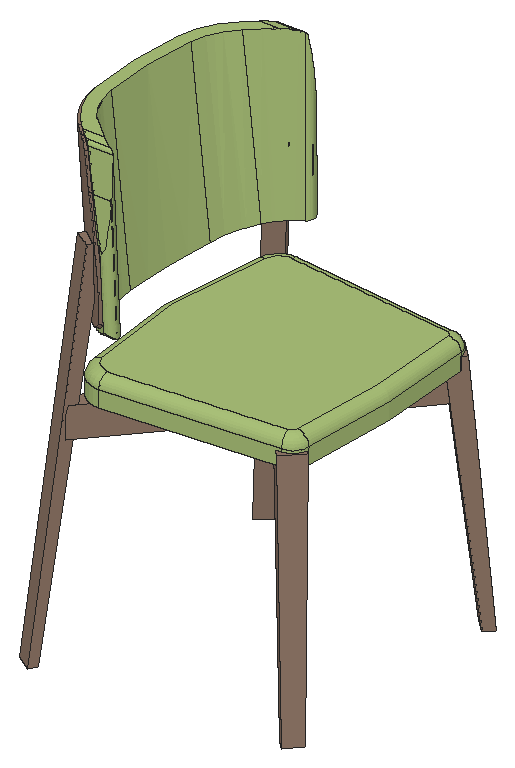
Revit family "Furniture_Chair_DIXIE 1.1", category Furniture, Revit 2020
Family settings
  OmniClass Number = 23.21.23.15.17
  Work Plane-Based = Yes
  Always vertical = No
  Cut with Voids When Loaded = No
  Shared = No
  Room Calculation Point = No
Parameters (values of type "DIXIE 1.1")
  Youtube clip = ""
  Uniformat II Description = "Movable Furnishings"
  Uniformat II Code = ""
  Uniclass 2015 Name = ""
  Uniclass 2015 Code = ""
  Uniclass 2.0 Description = ""
  Uniclass 2.0 Code = ""
  Uniclass 1.4 Description = ""
  Uniclass 1.4 Code = ""
  UNSPSC Code = ""
  Technical description = ""
  Shell Material = Fabric - Manhattan - Ellis YI365
  Frame Material = Wood - Stain - Intense Walnut
  Region South America = "All"
  Region Oceania = "All"
  Region North America = "All"
  Region Middle East = "All"
  Region Europe = "All"
  Region Asia = "All"
  Region Antarctica = "All"
  Region Africa = "All"
  QR code = "https://www.sandlerseating.com/product/dixie-1-1/"
  Product url = "https://www.sandlerseating.com/product/dixie-1-1/"
  Product name = "DIXIE 1.1"
  Product group = "Chair"
  Product family = "Furniture"
  Product data url = "https://www.sandlerseating.com/product/dixie-1-1/"
  Product certification = ""
  Product SKU = "??"
  Product Guid = "??"
  OmniClass Description = ""
  OmniClass Code = "23-21 23 15 17"
  NBS Reference Description = ""
  NBS Reference Code = ""
  Model = "DIXIE 1.1"
  Masterformat 2014 Description = "Chair Mats"
  Masterformat 2014 Code = "12 48 43.13"
  Manufacturer name = "Sandler"
  Manufacturer country = "USA"
  Manufacturer = "Sandler"
  Installation instructions = ""
  IFC Classification = "Furnishing Element"
  GTIN code = ""
  Edition number = 1
  Design country = "Brasil"
  Description = "Chair"
  Default Elevation = 0.000 mm
  Date of publishing = ""
  COBIe Type Category = ""
  Brand url = "https://www.sandlerseating.com/"
  BIMobject main category code = "furniture"
  BIMobject main category = "Furniture"
  BIMobject category code = "furniture-chair"
  BIMobject category = "Chair"
Reference planes
  plane 1 "Center Front/Back": y = 0
  plane 2: z = 0
  plane 3 "Center Left/Right": x = 0
Forms (mm)
  Blend 1, solid, material "Wood - Stain - Intense Walnut" <- "Frame Material"
    base sketch origin (-7.427, -3.052, 840) x (0, -1, 0) y (1, 0, 0)
      loop
        line (267.946, -180.657) -> (256.401, -173.442) -> (238.856, -201.521) -> (250.401, -208.735) -> (267.946, -180.657)
    top sketch origin (-7.427, -3.052, 840) x (0, -1, 0) y (1, 0, 0)
      loop
        line (202.55, -148.371) -> (220.449, -119.726) -> (201.162, -107.674) -> (183.263, -136.319) -> (202.55, -148.371)
    from -840 to -193.439
  Blend 2, solid, material "Wood - Stain - Intense Walnut" <- "Frame Material"
    base sketch origin (-7.427, -3.052, 840) x (0, -1, 0) y (1, 0, 0)
      loop
        line (226.741, 217.574) -> (204.755, 239.56) -> (191.431, 226.236) -> (213.882, 203.785) -> (226.741, 217.574)
    top sketch origin (-7.427, -3.052, 840) x (0, -1, 0) y (1, 0, 0)
      loop
        line (201.051, 189.092) -> (172.396, 217.747) -> (150.259, 195.61) -> (179.687, 166.182) -> (201.051, 189.092)
    from -840 to -415
  Blend 3, solid, material "Wood - Stain - Intense Walnut" <- "Frame Material"
    base sketch origin (-7.427, -7.427, 840) x (0, 1, 0) y (-1, 0, 0)
      loop
        line (267.946, 180.657) -> (250.401, 208.735) -> (238.856, 201.521) -> (256.401, 173.442) -> (267.946, 180.657)
    top sketch origin (-7.427, -7.427, 840) x (0, 1, 0) y (-1, 0, 0)
      loop
        line (202.55, 148.371) -> (183.263, 136.319) -> (201.162, 107.674) -> (220.449, 119.726) -> (202.55, 148.371)
    from -840 to -193.439
  Blend 4, solid, material "Wood - Stain - Intense Walnut" <- "Frame Material"
    base sketch origin (-7.427, -7.427, 840) x (0, 1, 0) y (-1, 0, 0)
      loop
        line (226.741, -217.574) -> (213.882, -203.785) -> (191.431, -226.236) -> (204.755, -239.56) -> (226.741, -217.574)
    top sketch origin (-7.427, -7.427, 840) x (0, 1, 0) y (-1, 0, 0)
      loop
        line (201.051, -189.092) -> (179.687, -166.182) -> (150.259, -195.61) -> (172.396, -217.747) -> (201.051, -189.092)
    from -840 to -415
  Extrusion 5, solid, material "Wood - Stain - Intense Walnut" <- "Frame Material"
    sketch origin (-7.427, -3.052, 840) x (0, -1, 0) y (1, 0, 0)
      loop
        line (236.81, -142.406) -> (23.981, 42.603) -> (188.369, 183.471) -> (169.726, 202.114) -> (2.351, 60.261) -> (-165.338, 201.824) -> (-182.647, 184.515) -> (-18.956, 42.22) -> (-228.476, -133.588) -> (-211.133, -158.357) -> (2.4, 23.974) -> (219.447, -164.703) -> (236.81, -142.406)
    from -491.524 to -440
  Extrusion 6, void
    sketch origin (-7.427, -3.052, 0) x (0, 1, 0) y (0, 0, 1)
      loop
        arc (-203.997, 513.805) -> (2.005, 501.659) -> (208.033, 513.349) r 1786.485
        arc (208.033, 513.349) -> (218.033, 517.491) -> (222.176, 527.491) r 14.142
        arc (222.176, 527.491) -> (224.141, 625.119) -> (215.37, 722.372) r 887.526
        line (215.37, 722.372) -> (207.508, 788.405)
        arc (207.508, 788.405) -> (205.623, 792.954) -> (201.074, 794.838) r 6.434
        arc (201.074, 794.838) -> (187.686, 797.63) -> (174.073, 798.938) r 124.667
        line (174.073, 798.938) -> (-173.602, 798.938)
        arc (-173.602, 798.938) -> (-187.215, 797.63) -> (-200.603, 794.838) r 124.667
        arc (-200.603, 794.838) -> (-205.152, 792.954) -> (-207.036, 788.405) r 6.434
        line (-207.036, 788.405) -> (-214.899, 722.372)
        arc (-214.899, 722.372) -> (-223.67, 625.119) -> (-221.704, 527.491) r 887.526
        arc (-221.704, 527.491) -> (-216.21, 516.301) -> (-203.997, 513.805) r 14.142
      loop
        line (-255.534, 827.639) -> (-255.534, 488.022) -> (243.275, 488.022) -> (243.275, 827.639) -> (-255.534, 827.639)
    from -229.081 to -74.097
  Extrusion 7, solid, material "Fabric - Manhattan - Ellis YI365" <- "Shell Material"
    sketch origin (-7.427, -3.052, 840) x (0, -1, 0) y (1, 0, 0)
      loop
        arc (162.646, 211.556) -> (-0.182, 219.951) -> (-162.965, 210.717) r 1507.968
        arc (-162.965, 210.717) -> (-179.921, 203.015) -> (-189.065, 186.792) r 30
        arc (-189.065, 186.792) -> (-210.173, 42.884) -> (-216.222, -102.438) r 1398.645
        arc (-216.222, -102.438) -> (-204.789, -133.742) -> (-176.224, -150.907) r 50
        arc (-176.224, -150.907) -> (0, -168.709) -> (176.224, -150.907) r 881.175
        arc (176.224, -150.907) -> (204.789, -133.742) -> (216.222, -102.438) r 50
        arc (216.222, -102.438) -> (210.133, 43.311) -> (188.897, 187.633) r 1398.645
        arc (188.897, 187.633) -> (179.692, 203.897) -> (162.646, 211.556) r 30
    from -438.705 to -391.524
  Sweep 8, void
    path in 3D
      loop
        arc (204.129, -165.698, 448.476) -> (196.47, -182.744, 448.476) -> (180.206, -191.949, 448.476) r 30
        arc (180.206, -191.949, 448.476) -> (35.884, -213.185, 448.476) -> (-109.865, -219.274, 448.476) r 1398.645
        arc (-109.865, -219.274, 448.476) -> (-141.169, -207.841, 448.476) -> (-158.334, -179.276, 448.476) r 50
        arc (-158.334, -179.276, 448.476) -> (-176.136, -3.052, 448.476) -> (-158.334, 173.172, 448.476) r 881.175
        arc (-158.334, 173.172, 448.476) -> (-141.169, 201.737, 448.476) -> (-109.865, 213.17, 448.476) r 50
        arc (-109.865, 213.17, 448.476) -> (35.457, 207.121, 448.476) -> (179.365, 186.013, 448.476) r 1398.645
        arc (179.365, 186.013, 448.476) -> (195.588, 176.869, 448.476) -> (203.29, 159.913, 448.476) r 30
        arc (203.29, 159.913, 448.476) -> (212.524, -2.87, 448.476) -> (204.129, -165.698, 448.476) r 1507.968
    profile origin (212.524, -2.87, 448.476) x (0.999997, 0.002578, 0) y (0, 0, 1)
      loop
        line (0, 0) -> (-20, 0)
        arc (-20, 0) -> (-5.858, -5.858) -> (0, -20) r 20
        line (0, -20) -> (0, 0)
  Blend 9, solid, material "Fabric - Manhattan - Ellis YI365" <- "Shell Material"
    base sketch origin (2.573, -3.052, 840) x (0, -1, 0) y (1, 0, 0)
      loop
        arc (225.082, -109.022) -> (220.734, -94.085) -> (205.798, -98.433) r 11
        arc (205.798, -98.433) -> (182.661, -133.54) -> (154.194, -164.482) r 261.33
        arc (154.194, -164.482) -> (121.986, -186.113) -> (84.713, -196.882) r 125.585
        arc (84.713, -196.882) -> (0, -202.232) -> (-84.713, -196.882) r 673.275
        arc (-84.713, -196.882) -> (-121.986, -186.113) -> (-154.194, -164.482) r 125.585
        arc (-154.194, -164.482) -> (-182.661, -133.54) -> (-205.798, -98.433) r 261.33
        arc (-205.798, -98.433) -> (-220.734, -94.085) -> (-225.082, -109.022) r 11
        arc (-225.082, -109.022) -> (-199.997, -147.084) -> (-169.134, -180.632) r 283.33
        arc (-169.134, -180.632) -> (-131.284, -206.052) -> (-87.482, -218.707) r 147.585
        arc (-87.482, -218.707) -> (0, -224.232) -> (87.482, -218.707) r 695.275
        arc (87.482, -218.707) -> (131.284, -206.052) -> (169.134, -180.632) r 147.585
        arc (169.134, -180.632) -> (199.997, -147.084) -> (225.082, -109.022) r 283.33
    top sketch origin (2.573, -3.052, 840) x (0, -1, 0) y (1, 0, 0)
      loop
        arc (-84.713, -163.866) -> (-123.649, -154.436) -> (-159.536, -136.633) r 180.091
        arc (-159.536, -136.633) -> (-182.446, -116.798) -> (-198.899, -91.35) r 107.348
        arc (-198.899, -91.35) -> (-213.496, -85.971) -> (-218.875, -100.568) r 11
        arc (-218.875, -100.568) -> (-199.049, -131.231) -> (-171.444, -155.131) r 129.348
        arc (-171.444, -155.131) -> (-131.173, -175.11) -> (-87.482, -185.691) r 202.091
        arc (-87.482, -185.691) -> (0, -191.217) -> (87.482, -185.691) r 695.275
        arc (87.482, -185.691) -> (131.173, -175.11) -> (171.444, -155.131) r 202.091
        arc (171.444, -155.131) -> (199.049, -131.231) -> (218.875, -100.568) r 129.348
        arc (218.875, -100.568) -> (213.496, -85.971) -> (198.899, -91.35) r 11
        arc (198.899, -91.35) -> (182.446, -116.798) -> (159.536, -136.633) r 107.348
        arc (159.536, -136.633) -> (123.649, -154.436) -> (84.713, -163.866) r 180.091
        arc (84.713, -163.866) -> (0, -169.217) -> (-84.713, -163.866) r 673.275
    from -42.453 to -340
Cuts and joins
  Sweep 8 cuts Extrusion 7
  Extrusion 6 cuts Blend 9
Lines and regions (mm)
  sketch lines
    curve 1: arc (203.29, 159.913, 448.476) -> (212.524, -2.87, 448.476) -> (204.129, -165.698, 448.476) r 1507.968
    curve 2: arc (179.365, 186.013, 448.476) -> (195.588, 176.869, 448.476) -> (203.29, 159.913, 448.476) r 30
    curve 3: arc (-109.865, 213.17, 448.476) -> (35.457, 207.121, 448.476) -> (179.365, 186.013, 448.476) r 1398.645
    curve 4: arc (-158.334, 173.172, 448.476) -> (-141.169, 201.737, 448.476) -> (-109.865, 213.17, 448.476) r 50
    curve 5: arc (-158.334, -179.276, 448.476) -> (-176.136, -3.052, 448.476) -> (-158.334, 173.172, 448.476) r 881.175
    curve 6: arc (-109.865, -219.274, 448.476) -> (-141.169, -207.841, 448.476) -> (-158.334, -179.276, 448.476) r 50
    curve 7: arc (180.206, -191.949, 448.476) -> (35.884, -213.185, 448.476) -> (-109.865, -219.274, 448.476) r 1398.645
    curve 8: arc (204.129, -165.698, 448.476) -> (196.47, -182.744, 448.476) -> (180.206, -191.949, 448.476) r 30
Dimensions and locks
  aligned and locked: level to plane 2
Nested families
  nested 1: "Family1" at (-5, 0, 500), Frame Material <- "Frame Material", type "Family1"
    with Frame Material Wood - Stain - Intense Walnut
Definition of nested family "Family1"
  Parameters (values of type "Family1")
    Shell Material = none
    Frame Material [instance] = none
    Default Elevation = 0.000 mm
  Reference planes
    plane 1 "Center (Front/Back)": y = 0
    plane 2: z = 0
    plane 3 "Center (Left/Right)": x = 0
  Forms (mm)
    Blend 1, solid, material <- "Frame Material"
      base sketch origin (2.573, -3.052, 340) x (0, -1, 0) y (1, 0, 0)
        loop
          arc (225.082, -109.022) -> (220.734, -94.085) -> (205.798, -98.433) r 11
          arc (205.798, -98.433) -> (182.661, -133.54) -> (154.194, -164.482) r 261.33
          arc (154.194, -164.482) -> (121.986, -186.113) -> (84.713, -196.882) r 125.585
          arc (84.713, -196.882) -> (0, -202.232) -> (-84.713, -196.882) r 673.275
          arc (-84.713, -196.882) -> (-121.986, -186.113) -> (-154.194, -164.482) r 125.585
          arc (-154.194, -164.482) -> (-182.661, -133.54) -> (-205.798, -98.433) r 261.33
          arc (-205.798, -98.433) -> (-220.734, -94.085) -> (-225.082, -109.022) r 11
          arc (-225.082, -109.022) -> (-199.997, -147.084) -> (-169.134, -180.632) r 283.33
          arc (-169.134, -180.632) -> (-131.284, -206.052) -> (-87.482, -218.707) r 147.585
          arc (-87.482, -218.707) -> (0, -224.232) -> (87.482, -218.707) r 695.275
          arc (87.482, -218.707) -> (131.284, -206.052) -> (169.134, -180.632) r 147.585
          arc (169.134, -180.632) -> (199.997, -147.084) -> (225.082, -109.022) r 283.33
      top sketch origin (2.573, -3.052, 340) x (0, -1, 0) y (1, 0, 0)
        loop
          arc (-84.713, -163.866) -> (-123.649, -154.436) -> (-159.536, -136.633) r 180.091
          arc (-159.536, -136.633) -> (-182.446, -116.798) -> (-198.899, -91.35) r 107.348
          arc (-198.899, -91.35) -> (-213.496, -85.971) -> (-218.875, -100.568) r 11
          arc (-218.875, -100.568) -> (-199.049, -131.231) -> (-171.444, -155.131) r 129.348
          arc (-171.444, -155.131) -> (-131.173, -175.11) -> (-87.482, -185.691) r 202.091
          arc (-87.482, -185.691) -> (0, -191.217) -> (87.482, -185.691) r 695.275
          arc (87.482, -185.691) -> (131.173, -175.11) -> (171.444, -155.131) r 202.091
          arc (171.444, -155.131) -> (199.049, -131.231) -> (218.875, -100.568) r 129.348
          arc (218.875, -100.568) -> (213.496, -85.971) -> (198.899, -91.35) r 11
          arc (198.899, -91.35) -> (182.446, -116.798) -> (159.536, -136.633) r 107.348
          arc (159.536, -136.633) -> (123.649, -154.436) -> (84.713, -163.866) r 180.091
          arc (84.713, -163.866) -> (0, -169.217) -> (-84.713, -163.866) r 673.275
      from -42.453 to -340
    Extrusion 2, void
      sketch origin (-7.427, -3.052, -501.659) x (0, 1, 0) y (0, 0, 1)
        loop
          line (-255.534, 827.639) -> (-255.534, 488.022) -> (243.275, 488.022) -> (243.275, 827.639) -> (-255.534, 827.639)
        loop
          arc (191.533, 791.897) -> (182.739, 793.248) -> (173.868, 793.943) r 119.667
          line (173.868, 793.943) -> (-173.397, 793.943)
          arc (-173.397, 793.943) -> (-182.268, 793.248) -> (-191.062, 791.897) r 119.667
          arc (-191.062, 791.897) -> (-199.211, 787.388) -> (-203.128, 778.939) r 15
          line (-203.128, 778.939) -> (-209.942, 721.715)
          arc (-209.942, 721.715) -> (-218.585, 627.387) -> (-217.068, 532.676) r 882.526
          arc (-217.068, 532.676) -> (-212.958, 523.367) -> (-203.854, 518.823) r 15
          arc (-203.854, 518.823) -> (0.148, 506.662) -> (204.2, 517.944) r 1781.485
          arc (204.2, 517.944) -> (213.34, 522.467) -> (217.476, 531.789) r 15
          arc (217.476, 531.789) -> (219.072, 626.943) -> (210.413, 721.715) r 882.526
          line (210.413, 721.715) -> (203.599, 778.939)
          arc (203.599, 778.939) -> (199.682, 787.388) -> (191.533, 791.897) r 15
      from -229.081 to -74.097
  Cuts and joins
    Extrusion 2 cuts Blend 1
  Dimensions and locks
    aligned and locked: level to plane 2
